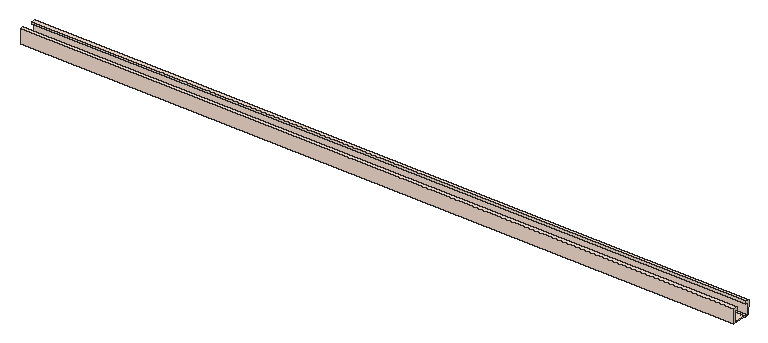
Revit family "nobuchi_cs19", category 機械設備, Revit 2022
Family settings
  丸型コネクタ寸法 = 直径を使用
  種別 = なし
  パーツ タイプ = 標準
  作業面ベース = いいえ
  常に垂直 = はい
  ロード時にボイドで切り取り = いいえ
  注釈の向きを維持 = いいえ
  共有 = いいえ
  部屋計算ポイント = いいえ
Parameters
  製造元 = "株式会社桐井製作所"
  既定の高さ = 0 mm
  URL = "https://www.kirii.co.jp/"
  K_長さ(mm) [instance] = 1000 mm
  K_材質 = "SGCC　一般用"
  K_断面積A(mm2) = 36.7
  K_断面係数Zy(mm3) = 309.2
  K_断面係数Zx(mm3) = 175.5
  K_断面2次半径iy(mm) = 10.3
  K_断面2次半径ix(mm) = 7.3
  K_断面2次モーメントIy(mm4) = 3866
  K_断面2次モーメントIx(mm4) = 1934
  K_外形寸法(mm) = "19×25×0.5"
  K_品名 = "CS-19"
  K_名称 = "野縁"
  K_単位質量(kg/m) = 0.302
  K_ヤング係数E(N/mm2) = 205000
  K_バージョン情報 = "20210524"
  K_めっき付着量 = "Z12"
  K_JIS規格 = "JIS G 3302"
  K_JIS外 [instance] = not(K_JIS)  # no
  K_JIS [instance] = yes
Reference planes
  plane 1 "中心(正面/背面)": y = 0
  plane 2: z = 0
  plane 3 "中心(左/右)": x = 0
  plane 4: x = 1000
  plane 5: y = -12.5
  plane 6: y = 12.499
  plane 7: z = 19
Forms (mm)
  Extrusion 1, solid
    sketch origin (12.499, 0, 0) x (0, 1, 0) y (0, 0, 1)
      loop
        line (-8.5, 19) -> (-12.5, 19) -> (-12.5, 0) -> (-7.5, 0) -> (-6.73, 0.77) -> (6.73, 0.77) -> (7.5, 0) -> (12.5, 0) -> (12.5, 19) -> (8.5, 19) -> (8.5, 16.246) -> (9, 15.532) -> (9, 18.5) -> (11.978, 18.5) -> (11.978, 0.5) -> (7.707, 0.5) -> (6.937, 1.27) -> (-6.937, 1.27) -> (-7.707, 0.5) -> (-11.978, 0.5) -> (-11.978, 18.5) -> (-9, 18.5) -> (-9, 15.532) -> (-8.5, 16.246) -> (-8.5, 19)
    from -12.499 to 987.501
  Extrusion 2, void
    sketch origin (12.499, 0, 0) x (0, 1, 0) y (0, 0, 1)
      loop
        line (-9.248, 16.247) -> (-9.248, 15.195) -> (9.354, 15.195) -> (9.354, 16.247) -> (-9.248, 16.247)
    from -12.499 to 987.501
Cuts and joins
  Extrusion 2 cuts Extrusion 1
Dimensions and locks
  "K_長さ(mm)": plane 4 to plane 3 "中心(左/右)"
  aligned and locked: level to plane 2
  aligned and locked: Extrusion 2 to Extrusion 1
  aligned and locked: plane 4 to cut or joined group of Extrusion 1, Extrusion 2
Automatic sketch dimensions
  Extrusion 1 sketch curve to level = 0 mm  (x2)
  plane 1 "中心(正面/背面)" to Extrusion 1 sketch curve = 12.5 mm
  plane 1 "中心(正面/背面)" to Extrusion 1 sketch curve = 11.979 mm
  Extrusion 1 sketch curve to Extrusion 1 sketch curve = 2.979 mm
  Extrusion 1 sketch curve to Extrusion 1 sketch curve = 0.5 mm  (x4)
  level to Extrusion 1 sketch curve = 0.5 mm  (x2)
  Extrusion 1 sketch curve to Extrusion 1 sketch curve = 4.271 mm
  Extrusion 1 sketch curve to Extrusion 1 sketch curve = 0.207 mm  (x4)
  Extrusion 1 sketch curve to Extrusion 1 sketch curve = 0.77 mm  (x2)
  level to Extrusion 1 sketch curve = 0.77 mm
  Extrusion 1 sketch curve to Extrusion 1 sketch curve = 13.46 mm
  level to Extrusion 1 sketch curve = 1.27 mm
  Extrusion 1 sketch curve to Extrusion 1 sketch curve = 17 mm
  Extrusion 1 sketch curve to Extrusion 1 sketch curve = 4.272 mm
  Extrusion 1 sketch curve to Extrusion 1 sketch curve = 0.521 mm
  Extrusion 1 sketch curve to Extrusion 1 sketch curve = 2.968 mm
  Extrusion 1 sketch curve to Extrusion 1 sketch curve = 0.714 mm  (x2)
  plane 1 "中心(正面/背面)" to Extrusion 2 sketch curve = 9.248 mm
  Extrusion 2 sketch curve to Extrusion 2 sketch curve = 18.602 mm
  Extrusion 2 sketch curve to Extrusion 2 sketch curve = 1.052 mm
  Extrusion 1 sketch curve to Extrusion 1 sketch curve = 14.262 mm  (x2)
  Extrusion 1 sketch curve to Extrusion 1 sketch curve = 2.254 mm
  level to Extrusion 2 sketch curve = 15.195 mm
